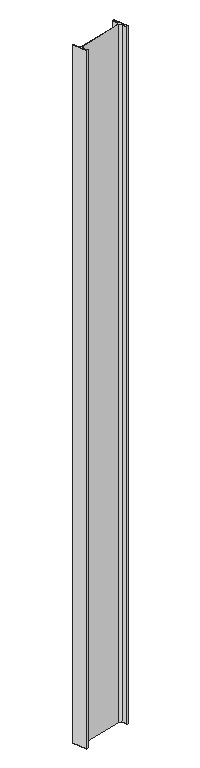
Revit family "M-Miscellaneous Wide Flange-Column", category 구조 기둥, Revit 2026
Family settings
  단면 모양 = 정의되지 않음
  모델 동작 재료 = 스틸
  항상 형상으로 내보내기 = 아니오
  평면의 보 전환 = 경계 상자에서
  로드될 때 보이드를 사용하여 절단 = 아니오
  기호 표현 = 프로젝트 설정에서
  공유 = 아니오
  평면도에서 미리 절단된 패밀리 표시 = 예
Parameters (values of type "M200X9.7")
  Assembly Code = ""
  Structural Material [instance] = Metal - Steel - 345 MPa
  A = 0.00124 m²
  W = 0.095
  bf = 57.9 mm
  d = 203 mm
  k = 14 mm
  kr = k - tf  # 9 mm
  tf = 5 mm
  tw = 3.4 mm
Types (2, lengths in mm): name | A | W | bf | d | tw
  M310X16.1 | 0.00205 m² | 0.158 | 77.9 | 304 | 4.1
  M200X9.7 | 0.00124 m² | 0.095 | 57.9 | 203 | 3.4
Reference planes
  plane 1: y = 0
  plane 2: z = 0
  plane 3: x = 0
  plane 4: x = -28.95
  plane 5: x = 28.95
  plane 6: y = 101.5
  plane 7: y = -101.5
  plane 8: x = -3.969
  plane 9: x = 3.969
Forms (mm)
  Extrusion 1, solid, material "Metal - Steel - 345 MPa" <- "Structural Material", detail levels medium
    sketch origin (0, 0, 0) x (1, 0, 0) y (0, 1, 0)
      loop
        line (-28.95, 101.5) -> (-28.95, 96.5) -> (-1.7, 96.5) -> (-1.7, -96.5) -> (-28.95, -96.5) -> (-28.95, -101.5) -> (28.95, -101.5) -> (28.95, -96.5) -> (1.7, -96.5) -> (1.7, 96.5) -> (28.95, 96.5) -> (28.95, 101.5) -> (-28.95, 101.5)
    from 0 to 2500
  Extrusion 2, solid, material "Metal - Steel - 345 MPa" <- "Structural Material", detail levels fine
    sketch origin (0, 0, 0) x (1, 0, 0) y (0, 1, 0)
      loop
        line (-28.95, 101.5) -> (-28.95, 96.5) -> (-10.7, 96.5)
        arc (-10.7, 96.5) -> (-4.336, 93.864) -> (-1.7, 87.5) r 9
        line (-1.7, 87.5) -> (-1.7, -87.5)
        arc (-1.7, -87.5) -> (-4.336, -93.864) -> (-10.7, -96.5) r 9
        line (-10.7, -96.5) -> (-28.95, -96.5) -> (-28.95, -101.5) -> (28.95, -101.5) -> (28.95, -96.5) -> (10.7, -96.5)
        arc (10.7, -96.5) -> (4.336, -93.864) -> (1.7, -87.5) r 9
        line (1.7, -87.5) -> (1.7, 87.5)
        arc (1.7, 87.5) -> (4.336, 93.864) -> (10.7, 96.5) r 9
        line (10.7, 96.5) -> (28.95, 96.5) -> (28.95, 101.5) -> (-28.95, 101.5)
    from 0 to 2500
Lines and regions (mm)
  symbolic lines, style "StructuralColumnStickSymbols", detail levels coarse
    curve 1: line (-28.95, 101.5, 0) -> (28.95, 101.5, 0)
    curve 2: line (-28.95, -101.5, 0) -> (28.95, -101.5, 0)
    curve 3: line (0, 101.5, 0) -> (0, -101.5, 0)
  symbolic lines, style "Hidden Faces", detail levels medium+fine
    curve 4: line (-3.969, 0, 0) -> (-3.969, 0, 2500)
    curve 5: line (3.969, 0, 2500) -> (3.969, 0, 0)
Dimensions and locks
  equal spacing: plane 4, plane 3, plane 5
  equal spacing: plane 7, plane 1, plane 6
  "d": plane 7 to plane 6
  "bf": plane 4 to plane 5
  "tf": plane 7 to Extrusion 1 sketch curve
  "tf": Extrusion 1 sketch curve to plane 6
  equal spacing: Extrusion 1 sketch curve, plane 3, Extrusion 1 sketch curve
  "tw": Extrusion 1 sketch curve to Extrusion 1 sketch curve
  "kr": radius of Extrusion 2 sketch curve  (x4)
  aligned and locked: plane 6 to Extrusion 1 sketch curve
  aligned and locked: Extrusion 1 sketch curve to plane 7
  aligned and locked: Extrusion 1 sketch curve to plane 4  (x2)
  aligned and locked: plane 5 to Extrusion 1 sketch curve  (x2)
  aligned and locked: Extrusion 1 sketch curve to Extrusion 1 sketch curve  (x2)
  aligned and locked: level to Extrusion 1
  aligned and locked: level to plane 2
  aligned and locked: Extrusion 1 to plane 2
  aligned and locked: plane 6 to Extrusion 2 sketch curve
  aligned and locked: plane 5 to Extrusion 2 sketch curve  (x2)
  aligned and locked: Extrusion 2 sketch curve to plane 4  (x2)
  aligned and locked: Extrusion 2 sketch curve to Extrusion 1  (x6)
  aligned and locked: Extrusion 2 sketch curve to plane 7
  aligned and locked: level to Extrusion 2
  aligned and locked: Extrusion 2 to level
Automatic sketch dimensions
  curve 2 to plane 4 = 0 mm
  curve 1 to plane 4 = 0 mm
  curve 3 to plane 3 = 0 mm
  curve 2 to plane 5 = 0 mm
  curve 1 to plane 5 = 0 mm
  curve 3 to plane 7 = 0 mm
  curve 3 to plane 6 = 0 mm
  curve 4 to level = 0 mm  (x2)
  curve 4 to plane 8 = 0 mm
  curve 5 to level = 0 mm  (x2)
  curve 5 to plane 9 = 0 mm
